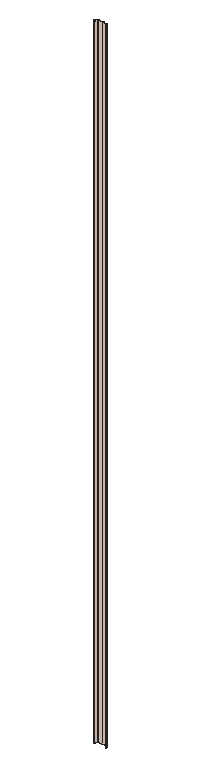
Revit family "slimstud", category 機械設備, Revit 2022
Family settings
  丸型コネクタ寸法 = 直径を使用
  種別 = なし
  パーツ タイプ = 標準
  作業面ベース = いいえ
  常に垂直 = はい
  ロード時にボイドで切り取り = いいえ
  注釈の向きを維持 = いいえ
  共有 = いいえ
  部屋計算ポイント = いいえ
Parameters
  製造元 = "株式会社桐井製作所"
  既定の高さ = 0 mm
  URL = "https://www.kirii.co.jp/"
  K_長さ(mm) [instance] = 3000 mm
  K_外形寸法(mm) = "W45(内寸)/W64(外寸)×H12×7×0.6"
  K_品名 = "スリムスタッド"
  K_名称 = "カビノン工法部材"
  K_バージョン情報 = "20211012"
Reference planes
  plane 1 "中心(正面/背面)": y = 0
  plane 2: z = 0
  plane 3 "中心(左/右)": x = 0
  plane 4: z = 3000
Forms (mm)
  Extrusion 1, solid
    sketch origin (0, -12, 0) x (0, 1, 0) y (-1, 0, 0)
      loop
        line (0.6, 26.683) -> (0.8, 31.251) -> (0.8, 26.504)
        arc (0.8, 26.504) -> (1.052, 25.768) -> (1.703, 25.341) r 1.2
        line (1.703, 25.341) -> (6.842, 24.026) -> (6.422, 24.753) -> (1.851, 25.922)
        arc (1.851, 25.922) -> (1.526, 26.136) -> (1.4, 26.504) r 0.6
        line (1.4, 26.504) -> (1.4, 31.251)
        arc (1.4, 31.251) -> (0.7, 31.951) -> (0, 31.251) r 0.7
        line (0, 31.251) -> (0, 25.883)
        arc (0, 25.883) -> (0.252, 25.147) -> (0.903, 24.72) r 1.2
        line (0.903, 24.72) -> (10.949, 22.15)
        arc (10.949, 22.15) -> (11.274, 21.937) -> (11.4, 21.569) r 0.6
        line (11.4, 21.569) -> (11.4, 0) -> (11.4, -21.568)
        arc (11.4, -21.568) -> (11.274, -21.936) -> (10.949, -22.149) r 0.6
        line (10.949, -22.149) -> (0.903, -24.719)
        arc (0.903, -24.719) -> (0.252, -25.146) -> (0, -25.882) r 1.2
        line (0, -25.882) -> (0, -31.25)
        arc (0, -31.25) -> (0.7, -31.95) -> (1.4, -31.25) r 0.7
        line (1.4, -31.25) -> (1.4, -26.503)
        arc (1.4, -26.503) -> (1.526, -26.135) -> (1.851, -25.922) r 0.6
        line (1.851, -25.922) -> (6.432, -24.75) -> (6.851, -24.023) -> (1.703, -25.34)
        arc (1.703, -25.34) -> (1.052, -25.767) -> (0.8, -26.503) r 1.2
        line (0.8, -26.503) -> (0.8, -31.25) -> (0.6, -26.682) -> (0.6, -25.882)
        arc (0.6, -25.882) -> (0.726, -25.514) -> (1.051, -25.301) r 0.6
        line (1.051, -25.301) -> (11.097, -22.73)
        arc (11.097, -22.73) -> (11.748, -22.304) -> (12, -21.568) r 1.2
        line (12, -21.568) -> (12, 0) -> (12, 21.569)
        arc (12, 21.569) -> (11.748, 22.305) -> (11.097, 22.731) r 1.2
        line (11.097, 22.731) -> (1.051, 25.301)
        arc (1.051, 25.301) -> (0.726, 25.515) -> (0.6, 25.883) r 0.6
        line (0.6, 25.883) -> (0.6, 26.683)
    from 0 to 3000
Dimensions and locks
  "K_長さ(mm)": plane 4 to plane 2
  aligned and locked: level to plane 2
  aligned and locked: plane 4 to Extrusion 1
Automatic sketch dimensions
  Extrusion 1 sketch curve to Extrusion 1 sketch curve = 0 mm  (x14)
  Extrusion 1 sketch curve to plane 3 "中心(左/右)" = 0 mm  (x2)
  plane 1 "中心(正面/背面)" to Extrusion 1 sketch curve = 0 mm
  plane 1 "中心(正面/背面)" to Extrusion 1 sketch curve = 0.6 mm
  plane 1 "中心(正面/背面)" to Extrusion 1 sketch curve = 0.903 mm  (x2)
  Extrusion 1 sketch curve to Extrusion 1 sketch curve = 0.149 mm  (x11)
  Extrusion 1 sketch curve to Extrusion 1 sketch curve = 0.6 mm  (x5)
  Extrusion 1 sketch curve to Extrusion 1 sketch curve = 4.246 mm
  Extrusion 1 sketch curve to Extrusion 1 sketch curve = 4.255 mm
  Extrusion 1 sketch curve to Extrusion 1 sketch curve = 0.42 mm  (x2)
  Extrusion 1 sketch curve to Extrusion 1 sketch curve = 4.422 mm
  Extrusion 1 sketch curve to Extrusion 1 sketch curve = 4.432 mm
  Extrusion 1 sketch curve to Extrusion 1 sketch curve = 0.2 mm  (x3)
  Extrusion 1 sketch curve to Extrusion 1 sketch curve = 0.651 mm
  Extrusion 1 sketch curve to Extrusion 1 sketch curve = 0.1 mm  (x2)
  plane 3 "中心(左/右)" to Extrusion 1 sketch curve = 21.568 mm
  Extrusion 1 sketch curve to Extrusion 1 sketch curve = 1.293 mm
  Extrusion 1 sketch curve to Extrusion 1 sketch curve = 0.696 mm
  Extrusion 1 sketch curve to Extrusion 1 sketch curve = 0.727 mm  (x2)
  Extrusion 1 sketch curve to Extrusion 1 sketch curve = 0.04 mm  (x2)
  Extrusion 1 sketch curve to Extrusion 1 sketch curve = 0.179 mm  (x2)
  Extrusion 1 sketch curve to Extrusion 1 sketch curve = 4.568 mm  (x2)
  Extrusion 1 sketch curve to plane 3 "中心(左/右)" = 21.568 mm
  Extrusion 1 sketch curve to Extrusion 1 sketch curve = 1.295 mm
  Extrusion 1 sketch curve to Extrusion 1 sketch curve = 0.694 mm
